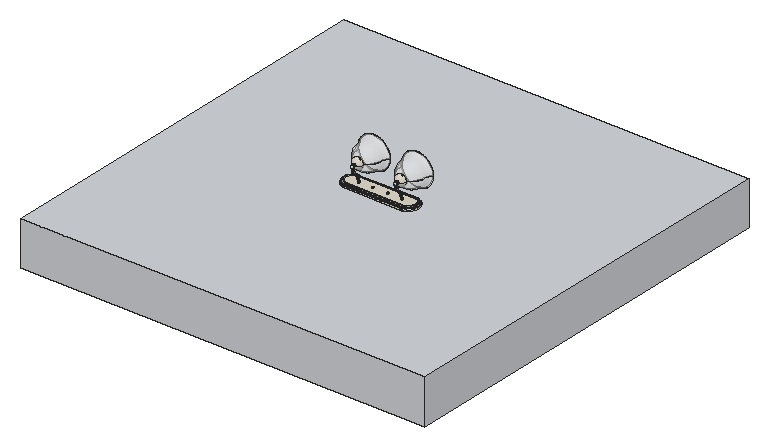
Revit family "P3267-09 2-100W MED BATH BRKT", category Lighting Fixtures, host Face, Revit 2012
Parameters (values of type "P3267-09 2-100W MED BATH BRKT")
  Wire Finish = Wire Finish
  Wattage Comments = "100 W"  # constant formula
  URL = "http://www.progresslighting.com/"
  Product Page URL = "https://progresslighting.com/products.aspx?product=P3267-09"
  Product Documentation Link = "https://progresslighting.com/SpecSheets/P3267.pdf"
  Model = "P3267-09"  # constant formula
  Manufacturer Phone = "(864)-678-1000"  # constant formula
  Manufacturer Fax = "(864)-678-1065"  # constant formula
  Manufacturer = "Progress Lighting"  # constant formula
  Lamp = "Two Lamps"  # constant formula
  Glass = Ethed Albastor Glass Shade
  Family = "Avalon"  # constant formula
  Description = " Two-light bath bracket with swirled alabaster glass."  # constant formula
  Default Elevation = 48"
  Back Plate = Brushed Nickel
Reference planes (in)
  plane 1 "Center (Front/Back)": y = 0
  plane 2: z = -1.5
  plane 3 "Center (Left/Right)": x = 0
  plane 4: z = -0.5
  plane 5: z = -0.7184746
  plane 6: x = -9
  plane 7: x = 9
  plane 8: y = 3.5
  plane 9: z = 0.75
  plane 10: z = 8.75
  plane 11: z = 1
  plane 12: z = 0.7894181
  plane 13: z = 4.8105749
  plane 14: y = -3.5
  plane 15: x = -5.1191762
  plane 16: y = -1
  plane 17: y = -1.194512
  plane 18: y = 1.2504041
  plane 19: x = 5.1191762
  plane 20: y = -1.194512
Forms (in)
  Extrusion 1, solid
    sketch origin (0, 0, 0) x (1, 0, 0) y (0, 1, 0)
      loop
        line (-48, 48) -> (-48, -48) -> (48, -48) -> (48, 48) -> (-48, 48)
    from -1.5 to -12
  Sweep 2, solid, material "Brushed Nickel" <- "Back Plate"
    path origin (-0.0039364, -1.1949084, 0) x (0, -1, 0) y (1, 0, 0)
      loop
        line (-2.4453125, 7.2486262) -> (-2.4453125, -7.2407534)
        arc (-2.4453125, -7.2407534) -> (0.0183091, -8.9952652) -> (2.3050916, -7.0157782) r 2.4471089
        line (2.3050916, -7.0157782) -> (2.3050916, 7.023651)
        arc (2.3050916, 7.023651) -> (0.0183091, 9.003138) -> (-2.4453125, 7.2486262) r 2.4471089
    profile origin (0, 1.2504041, 0) x (0, -1, 0) y (0, 0, 1)
      loop
        line (0, 0) -> (0.6419816, 0) -> (0.6419816, 0.75) -> (0.5980709, 0.75) -> (0.5259933, 0.75) -> (0.5259933, 0.5403321) -> (0.3855961, 0.5403321) -> (0.3054399, 0.5403321)
        arc (0.3054399, 0.5403321) -> (0.2517949, 0.5181116) -> (0.2295744, 0.4644666) r 0.0758655
        line (0.2295744, 0.4644666) -> (0.2295744, 0.3459603) -> (0.082843, 0.3459603)
        arc (0.082843, 0.3459603) -> (0.0259453, 0.3233863) -> (0, 0.2679446) r 0.0829924
        line (0, 0.2679446) -> (0, 0)
  Extrusion 3, solid, material "Brushed Nickel" <- "Back Plate"
    sketch origin (-1.7805632, -1.1945234, 0) x (0, -1, 0) y (1, 0, 0)
      loop
        circle (0, 0) r 0.1607797
    from 0.75 to 0.7894181
  Revolve 4, solid, material "Brushed Nickel" <- "Back Plate"
    sketch origin (-1.7805632, -1.1945234, 0) x (0, -1, 0) y (0, 0, 1)
      loop
        line (0, 0.9861596) -> (0, 0.7042499)
        arc (0, 0.7042499) -> (0.1409548, 0.8452048) -> (0, 0.9861596) r 0.1409548
      axis (0, 0.9861596) -> (0, 0.7042499)
    angle from 0 to 360
  Sweep 5, solid, material "Brushed Nickel" <- "Back Plate"
    path origin (0, 0.5228385, -0.2806423) x (0, 1, 0) y (0, 0, 1)
      loop
        arc (-3.3046335, 5.1224405) -> (-3.3871272, 4.7953336) -> (-3.4071395, 4.458579) r 1.8000767
        arc (-3.4071395, 4.458579) -> (-3.3547397, 4.0851636) -> (-3.2256981, 3.7308572) r 1.8000767
        arc (-3.2256981, 3.7308572) -> (-3.0349154, 3.4372133) -> (-2.7788617, 3.1983383) r 1.4391683
        arc (-2.7788617, 3.1983383) -> (-2.2242533, 2.6239563) -> (-1.8990132, 1.8947623) r 2.3037521
        arc (-1.8990132, 1.8947623) -> (-1.7994121, 1.4643525) -> (-1.7153388, 1.0306423) r 12.2945825
    profile origin (0, -2.8319012, 3.8045213) x (0, 0.970296, 0.241922) y (1, 0, 0)
      loop
        circle (0, -5.1191762) r 0.14
  Extrusion 6, solid, material "Brushed Nickel" <- "Back Plate"
    sketch origin (-5.1300655, 0.5405275, 0) x (1, 0, 0) y (0, 1, 0)
      loop
        circle (0.009731, -1.7343258) r 0.16
    from 0.75 to 0.7894181
  Sweep 7, solid, material "Wire Finish" <- "Wire Finish"
    path origin (-5.114245, -1.0189247, -0.4307259) x (1, 0, 0) y (0, 0.173648, 0.984808)
      loop
        line (0.2018863, 4.8105749) -> (0.2018863, 5.0238366)
        arc (0.2018863, 5.0238366) -> (-0.0072603, 5.2329831) -> (-0.2164068, 5.0238366) r 0.2091465
        line (-0.2164068, 5.0238366) -> (-0.2164068, 4.8105749)
    profile origin (-5.3306518, -0.1650609, 4.4117765) x (1, 0, 0) y (0, -0.984808, 0.173648)
      loop
        circle (0, 2.7236694) r 0.0585938
  Sweep 8, solid, material "Wire Finish" <- "Wire Finish"
    path origin (-5.1214929, 0.4849162, -0.0245788) x (0, 1, 0) y (0, 0, 1)
      loop
        arc (-3.3460425, 4.8234347) -> (-3.3859909, 4.3520542) -> (-3.3460425, 3.8806738) r 2.8010574
        arc (-3.3460425, 3.8806738) -> (-3.1763563, 3.4043874) -> (-2.8550767, 3.0139755) r 1.4672937
        arc (-2.8550767, 3.0139755) -> (-2.5499613, 2.731302) -> (-2.2672878, 2.4261866) r 5.4509196
        arc (-2.2672878, 2.4261866) -> (-2.0659584, 2.136657) -> (-1.9271117, 1.8124927) r 1.7407761
        arc (-1.9271117, 1.8124927) -> (-1.785181, 1.2977795) -> (-1.6787145, 0.7745788) r 7.8175781
    profile origin (-5.1214929, -2.9010746, 4.3274754) x (1, 0, 0) y (0, 1, 0)
      loop
        circle (0.2085529, 0) r 0.0572246
  Sweep 9, solid, material "Wire Finish" <- "Wire Finish"
    path origin (-5.1168596, 0.4849162, -0.0245788) x (0, 1, 0) y (0, 0, -1)
      loop
        arc (-3.3460425, -4.8234347) -> (-3.3859909, -4.3520542) -> (-3.3460425, -3.8806738) r 2.8010574
        arc (-3.3460425, -3.8806738) -> (-3.1763563, -3.4043874) -> (-2.8550767, -3.0139755) r 1.4672937
        arc (-2.8550767, -3.0139755) -> (-2.5499613, -2.731302) -> (-2.2672878, -2.4261866) r 5.4509196
        arc (-2.2672878, -2.4261866) -> (-2.0659584, -2.136657) -> (-1.9271117, -1.8124927) r 1.7407761
        arc (-1.9271117, -1.8124927) -> (-1.785181, -1.2977795) -> (-1.6787145, -0.7745788) r 7.8175781
    profile origin (-5.1168596, -2.9010746, 4.3274754) x (-1, 0, 0) y (0, -1, 0)
      loop
        circle (0.2085529, 0) r 0.0572246
  Extrusion 10, solid, material "Brushed Nickel" <- "Back Plate"
    sketch origin (0, 0, 0) x (1, 0, 0) y (0, 1, 0)
      loop
        arc (-7.1451452, 0.6084225) -> (-8.3572059, -1.1971246) -> (-6.9534527, -2.8580184) r 1.8051273
        line (-6.9534527, -2.8580184) -> (6.9534527, -2.8580184)
        arc (6.9534527, -2.8580184) -> (8.3572059, -1.1971246) -> (7.1451452, 0.6084225) r 1.8051273
        line (7.1451452, 0.6084225) -> (-7.1451452, 0.6084225)
    from 0 to 0.75
  Extrusion 11, solid, material "Brushed Nickel" <- "Back Plate"
    sketch origin (1.7805632, -1.1945234, 0) x (0, -1, 0) y (1, 0, 0)
      loop
        circle (0, 0) r 0.1607797
    from 0.75 to 0.7894181
  Revolve 12, solid, material "Brushed Nickel" <- "Back Plate"
    sketch origin (1.7805632, -1.1945234, 0) x (0, -1, 0) y (0, 0, -1)
      loop
        arc (0, -0.9861596) -> (0.1409548, -0.8452048) -> (0, -0.7042499) r 0.1409548
        line (0, -0.7042499) -> (0, -0.9861596)
      axis (0, -0.9861596) -> (0, -0.7042499)
    angle from 0 to 360
  Sweep 13, solid, material "Brushed Nickel" <- "Back Plate"
    path origin (0, 0.5228385, -0.2806423) x (0, 1, 0) y (0, 0, -1)
      loop
        arc (-3.3046335, -5.1224405) -> (-3.3871272, -4.7953336) -> (-3.4071395, -4.458579) r 1.8000767
        arc (-3.4071395, -4.458579) -> (-3.3547397, -4.0851636) -> (-3.2256981, -3.7308572) r 1.8000767
        arc (-3.2256981, -3.7308572) -> (-3.0349154, -3.4372133) -> (-2.7788617, -3.1983383) r 1.4391683
        arc (-2.7788617, -3.1983383) -> (-2.2242533, -2.6239563) -> (-1.8990132, -1.8947623) r 2.3037521
        arc (-1.8990132, -1.8947623) -> (-1.7994121, -1.4643525) -> (-1.7153388, -1.0306423) r 12.2945825
    profile origin (0, -2.8319012, 3.8045213) x (0, -0.970296, -0.241922) y (-1, 0, 0)
      loop
        circle (0, -5.1191762) r 0.14
  Extrusion 14, solid, material "Brushed Nickel" <- "Back Plate"
    sketch origin (5.1300655, 0.5405275, 0) x (-1, 0, 0) y (0, -1, 0)
      loop
        circle (0.009731, 1.7343258) r 0.16
    from 0.75 to 0.7894181
  Sweep 15, solid, material "Wire Finish" <- "Wire Finish"
    path origin (5.114245, -1.0189247, -0.4307259) x (-1, 0, 0) y (0, -0.173648, -0.984808)
      loop
        line (0.2018863, -4.8105749) -> (0.2018863, -5.0238366)
        arc (0.2018863, -5.0238366) -> (-0.0072603, -5.2329831) -> (-0.2164068, -5.0238366) r 0.2091465
        line (-0.2164068, -5.0238366) -> (-0.2164068, -4.8105749)
    profile origin (5.3306518, -0.1650609, 4.4117765) x (1, 0, 0) y (0, -0.984808, 0.173648)
      loop
        circle (0, 2.7236694) r 0.0585938
  Sweep 16, solid, material "Wire Finish" <- "Wire Finish"
    path origin (5.1214929, 0.4849162, -0.0245788) x (0, 1, 0) y (0, 0, -1)
      loop
        arc (-3.3460425, -4.8234347) -> (-3.3859909, -4.3520542) -> (-3.3460425, -3.8806738) r 2.8010574
        arc (-3.3460425, -3.8806738) -> (-3.1763563, -3.4043874) -> (-2.8550767, -3.0139755) r 1.4672937
        arc (-2.8550767, -3.0139755) -> (-2.5499613, -2.731302) -> (-2.2672878, -2.4261866) r 5.4509196
        arc (-2.2672878, -2.4261866) -> (-2.0659584, -2.136657) -> (-1.9271117, -1.8124927) r 1.7407761
        arc (-1.9271117, -1.8124927) -> (-1.785181, -1.2977795) -> (-1.6787145, -0.7745788) r 7.8175781
    profile origin (5.1214929, -2.9010746, 4.3274754) x (-1, 0, 0) y (0, -1, 0)
      loop
        circle (0.2085529, 0) r 0.0572246
  Sweep 17, solid, material "Wire Finish" <- "Wire Finish"
    path origin (5.1168596, 0.4849162, -0.0245788) x (0, 1, 0) y (0, 0, 1)
      loop
        arc (-3.3460425, 4.8234347) -> (-3.3859909, 4.3520542) -> (-3.3460425, 3.8806738) r 2.8010574
        arc (-3.3460425, 3.8806738) -> (-3.1763563, 3.4043874) -> (-2.8550767, 3.0139755) r 1.4672937
        arc (-2.8550767, 3.0139755) -> (-2.5499613, 2.731302) -> (-2.2672878, 2.4261866) r 5.4509196
        arc (-2.2672878, 2.4261866) -> (-2.0659584, 2.136657) -> (-1.9271117, 1.8124927) r 1.7407761
        arc (-1.9271117, 1.8124927) -> (-1.785181, 1.2977795) -> (-1.6787145, 0.7745788) r 7.8175781
    profile origin (5.1168596, -2.9010746, 4.3274754) x (1, 0, 0) y (0, 1, 0)
      loop
        circle (0.2085529, 0) r 0.0572246
  Sweep 18, solid, material "Wire Finish" <- "Wire Finish"
    path origin (0.3509929, 0.0339641, 0) x (1, 0, 0) y (0, 1, 0)
      loop
        arc (-7.5153275, 0.6904468) -> (-8.8241904, -1.2341826) -> (-7.317208, -3.0079708) r 1.9211156
        line (-7.317208, -3.0079708) -> (6.6152222, -3.0079708)
        arc (6.6152222, -3.0079708) -> (8.1222046, -1.2341826) -> (6.8133417, 0.6904468) r 1.9211156
        line (6.8133417, 0.6904468) -> (-7.5153275, 0.6904468)
    profile origin (-8.4731975, -1.2002186, 0) x (0.998568, 0.053492, 0) y (0, 0, 1)
      loop
        arc (0, 0.7489687) -> (-0.1300357, 0.712175) -> (-0.1865789, 0.5894316) r 0.1614968
        line (-0.1865789, 0.5894316) -> (-0.1865789, 0.5403321) -> (0, 0.5403321) -> (0, 0.7489687)
Lines and regions (in)
  model lines
    curve 1: line (7.1592162, -2.8580184, 0) -> (-4.1631526, -2.8580184, 0)
Dimensions and locks (in)
  locked: plane 2 to plane 4 at 1
  plane 4 to Extrusion 1 = 1"
  plane 2 to plane 5 to plane 4 = 0.78153", 0.21847"
  locked: plane 4 to plane 5 at 0.2184746
  locked: plane 9 to plane 4 at 1.25
  plane 9 to Sweep 2 sketch curve = 0.20967"
  level to plane 9 = 3/4"
  locked: plane 10 to level at 8.75
  plane 3 "Center (Left/Right)" to Extrusion 3 sketch curve = 1.78056"
  locked: Extrusion 3 sketch curve to Extrusion 3 sketch curve
  level to plane 11 = 1"
  locked: plane 12 to plane 11 at 0.2105819
  Extrusion 6 sketch curve to plane 1 "Center (Front/Back)" = 1.1938"  (x2)
  Extrusion 6 sketch curve to plane 3 "Center (Left/Right)" = 5.12033"
  plane 4 to Sweep 2 sketch curve to plane 9 = 0.76297" locked, 0.48703" locked
  locked: plane 11 to Revolve 4 sketch curve at 0.1547952
  Extrusion 3 sketch curve to plane 1 "Center (Front/Back)" = 1.19452"
  locked: plane 6 to plane 3 "Center (Left/Right)" at 9
  locked: plane 3 "Center (Left/Right)" to plane 7 at 9
  plane 1 "Center (Front/Back)" to plane 8 = 3 1/2"
  locked: plane 14 to plane 1 "Center (Front/Back)" at 3.5
  plane 10 to level = 8 3/4"
  locked: plane 8 to plane 1 "Center (Front/Back)" at 3.5
  plane 16 to plane 8 = 4 1/2"
  plane 18 to Sweep 2 sketch curve = 0"
  locked: Extrusion 11 sketch curve to Extrusion 11 sketch curve
  aligned and locked: plane 2 to Extrusion 1
  aligned and locked: Sweep 2 sketch curve to profile plane
  aligned and locked: plane 9 to Sweep 2 sketch curve
  aligned and locked: curve 1 to Sweep 2
  aligned and locked: Sweep 2 sketch curve to Sweep 2 sketch curve
  aligned and locked: Revolve 4 sketch curve to Revolve 4 sketch curve
  aligned and locked: Extrusion 3 to plane 12
  aligned and locked: Extrusion 3 to Extrusion 6
  aligned and locked: plane 18 to Sweep 2 sketch curve
  aligned and locked: Sweep 2 sketch curve to plane 14
  aligned and locked: Extrusion 10 sketch curve to Sweep 2  (x3)
  aligned and locked: Sweep 2 to Extrusion 10
  aligned and locked: Revolve 12 sketch curve to Revolve 12 sketch curve
  aligned and locked: Extrusion 11 to Extrusion 14
  aligned and locked: Sweep 18 sketch curve to Sweep 2
Nested families (in)
  nested 1: "p3266 Lamp" at (-5.1291393, 0.2597595, 4.887991), type "p3266 Lamp"
  nested 2: "p3266 Lamp" at (5.1291393, 0.2597595, 4.887991) x (-1, 0, 0) z (0, 0, 1), type "p3266 Lamp"
Connectors (in)
  electrical at (0, -1.124798, 0), driven by "Description"
    settings: on Sweep 2, index 1, voltage 0 V, apparent load 0 VA, apparent load phase1 0 VA, apparent load phase2 0 VA, apparent load phase3 0 VA, power factor 1, load classification "Other", number of poles 1, system type 30, power factor state 1, is connector primary yes, connector utility no, sub classification motor no, connector description " Two-light bath bracket with swirled alabaster glass."
Definition of nested family "p3266 Lamp"
  Parameters (values of type "p3266 Lamp")
    Wattage = 9.2903 W
    built-in parameter 1150110 = 1 (stored number, unit not read)
    built-in parameter 1114217 = 1 (stored number, unit not read)
    built-in parameter 1150109 = 1 (stored number, unit not read)
    built-in parameter 1150134 = 3
    built-in parameter 1150113 = 1 (stored number, unit not read)
    built-in parameter 1150105 = 109.82 (stored number, unit not read)
    Lumens = 1380 lm
    built-in parameter 1150115 = 1 (stored number, unit not read)
    Light Source Symbol Size = 4"
    built-in parameter 1150137 = (empty or 0)
    built-in parameter 1150139 = (empty or 0)
    built-in parameter 1150112 = 1 (stored number, unit not read)
    built-in parameter 1150114 = 1 (stored number, unit not read)
    built-in parameter 1150132 = (empty or 0)
    built-in parameter 1150102 = (empty or 0)
    built-in parameter 1150107 = 3200 (stored number, unit not read)
    built-in parameter 1150138 = (empty or 0)
    built-in parameter 1150106 = 1.0982 (stored number, unit not read)
    Glass = Ethed Albastor Glass Shade
    built-in parameter 1150104 = 13.8 (stored number, unit not read)
    Dimming Lamp Color Temperature Shift = (empty or 0)
    Color Filter = 16777215
    built-in parameter 1114218 = 1 (stored number, unit not read)
    Back Plate = Brushed Nickel
    built-in parameter 1150133 = 10 (stored number, unit not read)
  Reference planes (in)
    plane 1 "Center (Front/Back)": y = 0
    plane 2: z = 0
    plane 3 "Center (Left/Right)": x = 0
    plane 4: x = -3.875
    plane 5: y = 3.25
    plane 6: y = -3.25
    plane 7: x = 3.875
    plane 8: z = 3.875
    plane 9: y = -1
    plane 10: y = -2.25
    plane 11: y = -3.75
  Forms (in)
    Revolve 1, solid, material "Ethed Albastor Glass Shade" <- "Glass"
      sketch origin (0, -0.5135397, 0) x (1, 0, 0) y (0, 1, 0)
        loop
          line (3.875, 3.7113409) -> (3.875, 3.7439027)
          arc (3.875, 3.7439027) -> (3.8692484, 3.7577882) -> (3.855363, 3.7635397) r 0.019637
          line (3.855363, 3.7635397) -> (3.6416591, 3.7635397)
          spline (3.6416591, 3.7635397) -> (3.2409851, 3.2371345) -> (3.0305907, 2.7856846) -> (2.9435046, 2.3943747) -> (2.9027603, 2.0486008) -> (2.8627346, 1.7124051) -> (2.8063313, 1.3728598) -> (2.7173565, 1.0176405) -> (2.579447, 0.6339804) -> (2.3752198, 0.2338238) -> (2.0841259, -0.1576654) -> (1.6820397, -0.51551) -> (1.1416087, -0.8157088)
          line (1.1416087, -0.8157088) -> (1.2193053, -1)
          spline (1.2193053, -1) -> (1.8115897, -0.6759246) -> (2.2567557, -0.2848855) -> (2.5793852, 0.1426823) -> (2.8040595, 0.5763437) -> (2.9551087, 0.9870675) -> (3.0529948, 1.3673776) -> (3.1151514, 1.7266783) -> (3.1589311, 2.0748247) -> (3.2021491, 2.4218661) -> (3.2857961, 2.78757) -> (3.4843733, 3.2057558) -> (3.875, 3.7113409)
        axis (0, -1) -> (0, 3.7635397)
      angle from 0 to 360
    Revolve 2, solid, material "Brushed Nickel" <- "Back Plate"
      sketch origin (0, -0.5135397, 0) x (1, 0, 0) y (0, 1, 0)
        loop
          line (1.2193053, -1) -> (0, -1) -> (0, -3.25)
          arc (0, -3.25) -> (0.2559827, -3.0446698) -> (0.1110891, -2.7502322) r 0.2622304
          line (0.1110891, -2.7502322) -> (0.2068854, -2.7502322)
          arc (0.2068854, -2.7502322) -> (0.2196196, -2.7317063) -> (0.2068854, -2.7131805) r 0.019843
          arc (0.2068854, -2.7131805) -> (0.1727929, -2.5319544) -> (0.2068854, -2.3507284) r 0.4987196
          arc (0.2068854, -2.3507284) -> (0.2272347, -2.3422994) -> (0.2356637, -2.32195) r 0.0287783
          arc (0.2356637, -2.32195) -> (0.276239, -2.2974836) -> (0.2817629, -2.2504257) r 0.0538347
          arc (0.2817629, -2.2504257) -> (0.9520126, -1.8883604) -> (1.2193053, -1.1750017) r 1.085563
          line (1.2193053, -1.1750017) -> (1.2193053, -1)
        axis (0, -1) -> (0, -3.25)
      angle from 0 to 360
  Dimensions and locks (in)
    locked: plane 4 to plane 3 "Center (Left/Right)" at 3.875
    locked: plane 5 to plane 1 "Center (Front/Back)" at 3.25
    locked: plane 6 to plane 1 "Center (Front/Back)" at 3.25
    locked: plane 7 to plane 3 "Center (Left/Right)" at 3.875
    locked: plane 8 to plane 2 at 3.875
    locked: plane 5 to plane 9 at 4.25
    plane 6 to plane 5 = 6 1/2"
    Revolve 2 sketch curve to plane 1 "Center (Front/Back)" = 1.51354"
    Revolve 2 sketch curve to plane 4 = 5.09431"
    plane 9 to Revolve 2 sketch curve = 0.68854"
    Revolve 2 sketch curve to plane 6 = 0.25131"
    plane 10 to Revolve 2 sketch curve = 0.79549"
    plane 10 to Revolve 2 sketch curve = 0.73646"
    locked: plane 5 to plane 11 at 7
    aligned and locked: plane 2 to level
    aligned and locked: Revolve 2 sketch curve to plane 3 "Center (Left/Right)"  (x2)
    aligned and locked: plane 5 to Revolve 1 sketch curve
